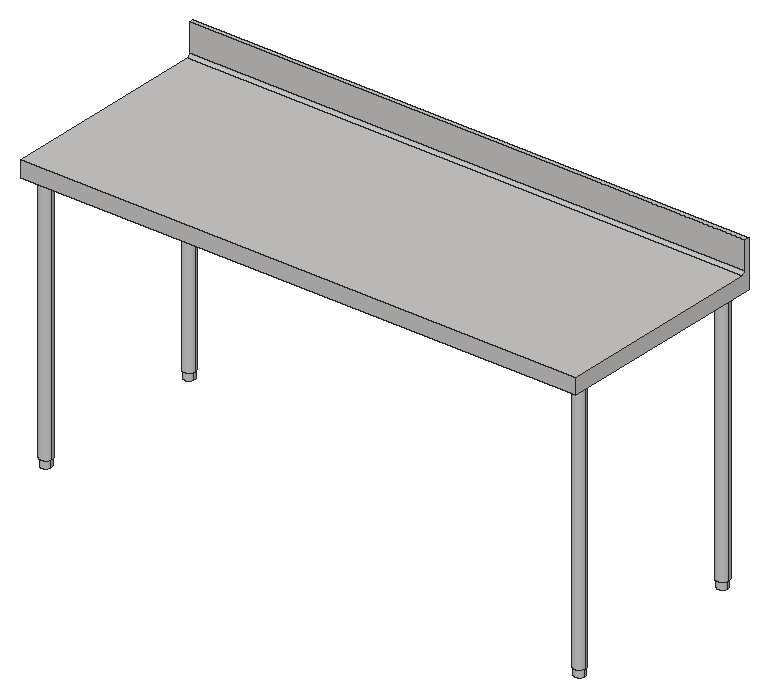
Revit family "QF_ZANUSSI_133058_TG1810EN", category Attrezzature speciali, Revit 2020
Family settings
  Quota connettore circolare = Usa diametro
  Tipo di parte = Normale
  Basato su piano di lavoro = No
  Sempre verticale = Sì
  Taglio con vuoti quando caricato = No
  Condiviso = No
  Punto di calcolo locali = No
Parameters (values of type "Standard")
  Weight = 54.00 kg
  Watts = 0 W
  Volts = 0 V
  URL Manufacturer = "http://www.zanussiprofessional.com"
  URL = "http://www.zanussiprofessional.com"
  Steam Supply Size = 0 mm
  Steam Supply Minimum Pressure = 0.0 Pa
  Steam Supply Maximum Pressure = 0.0 Pa
  Steam Consumption per Hour = 0
  Refrigeration Suction Line Size = 0.0 mm
  Refrigeration Liquid Line Size = 0.0 mm
  Refrigerant Compressor Remote = yes
  Prospetto di default = 0.0 mm
  Produttore = "Zanussi"
  Phase = 0
  Modello = "TG1810EN"
  Length Actual = 1800.0 mm  # constant formula
  Item Number = "133058"
  Hot Water Size = 0 mm
  Height Actual = 900.0 mm  # constant formula
  HP = "0 HP"
  Gas Size = 0 mm
  Gas KW = 0
  Gas Input Pressure = 0 W
  Direct Waste Size = 0 mm
  Descrizione = "WORK TABLE WITH UPSTAND 1800 MM"
  Depth Actual = 700.0 mm  # constant formula
  Cycle = 0 Hz
  Condensate Return Size = 0 mm
  Compressed Air Volume = 0.0 L/s
  Compressed Air Size = 0 mm
  Compressed Air Pressure = 0.0 Pa
  Cold Water Size = 0 mm
  Accessory = yes
Reference planes
  plane 1 "Center (Front/Back)": y = 0
  plane 2: z = 0
  plane 3 "Center (Left/Right)": x = -400
  plane 4 "LEFT": x = -1300
  plane 5 "RIGHT": x = 500
  plane 6 "BACK": y = 350
  plane 7 "FRONT": y = -350
  plane 8 "Base": z = 850
  plane 9 "TOP": z = 900
  plane 10: x = -1264.5
  plane 11: x = 464.5
  plane 12: y = 290
  plane 13: y = -290
Forms (mm)
  Extrusion 1, solid, material "QF_Finishes_Stainless Steel"
    sketch origin (-400, 0, 0) x (0, 1, 0) y (0, 0, 1)
      loop
        line (-350, 850) -> (350, 850) -> (350, 1000) -> (337, 1000) -> (337, 910)
        arc (337, 910) -> (334.071, 902.929) -> (327, 900) r 10
        line (327, 900) -> (-350, 900) -> (-350, 850)
    from 900 to -900
Lines and regions (mm)
  symbolic lines
    curve 1: line (500, 350, 900) -> (-1300, 350, 900)
    curve 2: line (-1300, 350, 900) -> (-1300, -350, 900)
    curve 3: line (-1300, -350, 900) -> (500, -350, 900)
    curve 4: line (500, -350, 900) -> (500, 350, 900)
    curve 5: line (500, 337, 900) -> (-1300, 337, 900)
Dimensions and locks
  plane 4 "LEFT" to plane 5 "RIGHT" = 1800.0 mm
  equal spacing: plane 4 "LEFT", plane 3 "Center (Left/Right)", plane 5 "RIGHT"
  locked: plane 8 "Base" to level at 850
  plane 4 "LEFT" to plane 10 = 35.5 mm
  plane 11 to plane 5 "RIGHT" = 35.5 mm
  plane 10 to plane 11 = 1729.0 mm
  locked: Extrusion 1 to level at 1000
  plane 9 "TOP" to level = 900.0 mm
  plane 6 "BACK" to plane 12 = 60.0 mm
  plane 13 to plane 7 "FRONT" = 60.0 mm
  plane 6 "BACK" to plane 7 "FRONT" = 700.0 mm
  plane 12 to plane 13 = 580.0 mm
  equal spacing: plane 6 "BACK", plane 1 "Center (Front/Back)", plane 7 "FRONT"
  aligned and locked: level to plane 2
  aligned and locked: plane 10 to nested 1
  aligned and locked: nested 1 to plane 13
  aligned and locked: plane 11 to nested 2
  aligned and locked: nested 2 to plane 13
  aligned and locked: plane 11 to nested 4
  aligned and locked: nested 4 to plane 12
  aligned and locked: plane 10 to nested 3
  aligned and locked: nested 3 to plane 12
  aligned and locked: Extrusion 1 to plane 4 "LEFT"
  aligned and locked: plane 5 "RIGHT" to Extrusion 1
  aligned and locked: curve 2 to plane 4 "LEFT"
Automatic sketch dimensions
  Extrusion 1 sketch curve to plane 7 "FRONT" = 0.0 mm
  Extrusion 1 sketch curve to plane 9 "TOP" = 0.0 mm
  Extrusion 1 sketch curve to plane 6 "BACK" = 0.0 mm
  Extrusion 1 sketch curve to plane 8 "Base" = 0.0 mm
  plane 9 "TOP" to Extrusion 1 sketch curve = 10.0 mm
  Extrusion 1 sketch curve to plane 6 "BACK" = 13.0 mm
  Extrusion 1 sketch curve to Extrusion 1 sketch curve = 90.0 mm
  curve 3 to plane 7 "FRONT" = 0.0 mm
  curve 5 to plane 5 "RIGHT" = 0.0 mm
  curve 4 to plane 6 "BACK" = 0.0 mm
  curve 5 to plane 6 "BACK" = 13.0 mm
Nested families
  nested 1: "FEET_D40" at (-1264.5, -290, 0), type "FEET_D40"
  nested 2: "FEET_D40" at (464.5, -290, 0), type "FEET_D40"
  nested 3: "FEET_D40" at (-1264.5, 290, 0), type "FEET_D40"
  nested 4: "FEET_D40" at (464.5, 290, 0), type "FEET_D40"
Definition of nested family "FEET_D40"
  Parameters
    Default Elevation = 0.0 mm
    FEET = 850.0 mm
  Reference planes
    plane 1 "Center (Front/Back)": y = 0
    plane 2: z = 0
    plane 3 "Center (Left/Right)": x = 0
    plane 4: z = 850
  Forms (mm)
    Extrusion 1, solid
      sketch origin (0, 0, 0) x (1, 0, 0) y (0, 1, 0)
        loop
          circle (0, 0.002) r 20
      from 25 to 845
    Extrusion 2, solid
      sketch origin (0, 0, 0) x (1, 0, 0) y (0, 1, 0)
        loop
          circle (0, 0) r 16
      from 0 to 25
    Extrusion 3, solid
      sketch origin (0, 0, 0) x (1, 0, 0) y (0, 1, 0)
        loop
          circle (0, 0.002) r 30
      from 845 to 850
  Lines and regions (mm)
    symbolic lines
      curve 1: line (0, -1.503, 0) -> (0, 1.508, 0)
      curve 2: line (1.561, 0, 0) -> (-1.439, 0, 0)
  Dimensions and locks
    "FEET": plane 4 to plane 2
    aligned and locked: level to plane 2
  Automatic sketch dimensions
    plane 1 "Center (Front/Back)" to Extrusion 2 sketch curve = 0.0 mm
    Extrusion 2 sketch curve to plane 3 "Center (Left/Right)" = 0.0 mm
    plane 1 "Center (Front/Back)" to curve 2 = 0.0 mm
    curve 1 to plane 3 "Center (Left/Right)" = 0.0 mm
    curve 2 to plane 3 "Center (Left/Right)" = 1.439 mm
    plane 3 "Center (Left/Right)" to curve 2 = 1.561 mm
    plane 1 "Center (Front/Back)" to curve 1 = 1.503 mm
    curve 1 to plane 1 "Center (Front/Back)" = 1.508 mm
    Extrusion 1 sketch curve to plane 3 "Center (Left/Right)" = 0.0 mm
    Extrusion 1 sketch curve to plane 1 "Center (Front/Back)" = 0.002 mm
    Extrusion 3 sketch curve to plane 3 "Center (Left/Right)" = 0.0 mm
    Extrusion 3 sketch curve to plane 1 "Center (Front/Back)" = 0.002 mm
    radius of Extrusion 2 sketch curve = 16.0 mm
    radius of Extrusion 1 sketch curve = 20.0 mm
    radius of Extrusion 3 sketch curve = 30.0 mm
